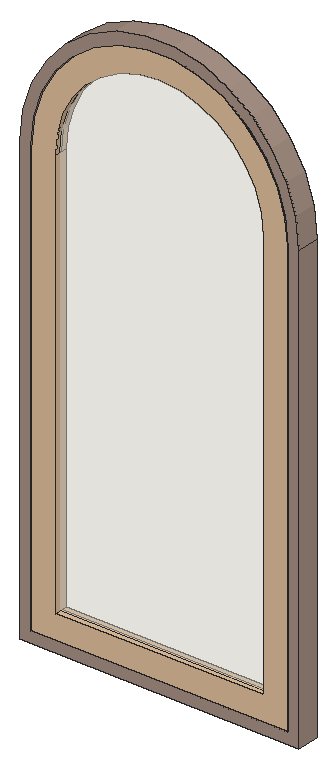
Revit family
Parameters (values of type "750 x 1200 mm")
  Stile = 50 mm
  Shutter = Light Wood
  Height = 1200 mm
  Glass = Glass (2)
  Frame Width = 45 mm
  Frame Depth = 60 mm
  Frame = Dark Wood
  Default Sill Height = 800 mm
  TrimProjection = 25 mm
  Wall Closure = (empty or 0)
  Width = 750 mm
Types (4, lengths in mm): name | Stile | Width
  (no name) | 50 | 750
  750 x 1200 mm | 50 | 750
  900 x 1200 mm | 45 | 900
  1000 x 1200 mm | 45 | 1000
Reference planes
  plane 1: y = 0
  plane 2 "Center (Left/Right)": x = 0
  plane 3 "Left": x = -375
  plane 4 "Right": x = 375
  plane 5 "Sill": z = 800
  plane 6 "Head": z = 2000
  plane 7 "Exterior": y = 75
  plane 8 "Interior": y = -75
  plane 9: x = -330
  plane 10: y = 30
  plane 11: y = -30
  plane 12: x = 330
  plane 13: x = -280
  plane 14: x = 280
  plane 15: z = 845
  plane 16: z = 895
Forms (mm)
  Sweep 1, solid, material "Dark Wood" <- "Frame"
    path origin (0, 0, 0) x (1, 0, 0) y (0, 0, 1)
      loop
        arc (375, 2000) -> (0, 2375) -> (-375, 2000) r 375
        line (-375, 2000) -> (-375, 800) -> (375, 800) -> (375, 2000)
    profile origin (0, 0, 1400) x (0, -1, 0) y (1, 0, 0)
      loop
        line (-30, 375) -> (-30, 330) -> (-5, 330) -> (-5, 345) -> (30, 345) -> (30, 375) -> (-30, 375)
  Extrusion 2, solid, material "Light Wood" <- "Shutter"
    sketch origin (0, -30, 0) x (-1, 0, 0) y (0, 0, 1)
      loop
        line (345, 830) -> (345, 2000)
        arc (345, 2000) -> (0, 2345) -> (-345, 2000) r 345
        line (-345, 2000) -> (-345, 830) -> (345, 830)
      loop
        arc (280, 2000) -> (0, 2280) -> (-280, 2000) r 280
        line (-280, 2000) -> (-280, 895) -> (280, 895) -> (280, 2000)
    from 0 to 35
  Extrusion 3, solid, material "Glass (2)" <- "Glass"
    sketch origin (0, 0, 0) x (1, 0, 0) y (0, 0, 1)
      loop
        line (-280, 895) -> (280, 895) -> (280, 2000)
        arc (280, 2000) -> (0, 2280) -> (-280, 2000) r 280
        line (-280, 2000) -> (-280, 895)
    from 9.932 to 15.932
Lines and regions (mm)
  Opening 1
    outline origin (3500, -75, 0) x (1, 0, 0) y (0, 0, 1)
      loop
        line (-3125, 800) -> (-3125, 2000)
        arc (-3125, 2000) -> (-3500, 2375) -> (-3875, 2000) r 375
        line (-3875, 2000) -> (-3875, 800) -> (-3125, 800)
  symbolic lines, style "WindowsFrameMullionProjection", detail levels medium+fine
    curve 1: line (-375, 30, 0) -> (-375, -30, 0)
    curve 2: line (-375, 30, 0) -> (-330, 30, 0)
    curve 3: line (-330, 30, 0) -> (-330, 5, 0)
    curve 4: line (-330, 5, 0) -> (-345, 5, 0)
    curve 5: line (-345, 5, 0) -> (-345, -30, 0)
    curve 6: line (-345, -30, 0) -> (-375, -30, 0)
    curve 7: line (375, 30, 0) -> (375, -30, 0)
    curve 8: line (375, 30, 0) -> (330, 30, 0)
    curve 9: line (330, 30, 0) -> (330, 5, 0)
    curve 10: line (330, 5, 0) -> (345, 5, 0)
    curve 11: line (375, -30, 0) -> (345, -30, 0)
    curve 12: line (345, -30, 0) -> (345, 5, 0)
  symbolic lines, style "Plan Swing"
    curve 13: line (-345, 5, 0) -> (345, 5, 0)
    curve 14: line (-345, -30, 0) -> (345, -30, 0)
  symbolic lines, style "WindowsFrameMullionProjection", detail levels coarse
    curve 15: line (-345, -30, 0) -> (-375, -30, 0)
    curve 16: line (-345, 30, 0) -> (-345, -30, 0)
    curve 17: line (-375, 30, 0) -> (-345, 30, 0)
    curve 18: line (-375, -30, 0) -> (-375, 30, 0)
    curve 19: line (345, -30, 0) -> (375, -30, 0)
    curve 20: line (345, 30, 0) -> (345, -30, 0)
    curve 21: line (375, 30, 0) -> (345, 30, 0)
    curve 22: line (375, -30, 0) -> (375, 30, 0)
  symbolic lines, style "Elevation Swing Coarse", detail levels coarse
    curve 23: line (-330, 0, 2000) -> (330, 0, 1447.5)
    curve 24: line (330, 0, 1447.5) -> (-330, 0, 845)
  symbolic lines, style "Elevation Swing Medium", detail levels medium
    curve 25: line (-280, 0, 2000) -> (375, 0, 1447.5)
    curve 26: line (375, 0, 1447.5) -> (-280, 0, 845)
  symbolic lines, style "Elevation Swing Fine", detail levels fine
    curve 27: line (-330, 0, 2000) -> (330, 0, 1447.5)
    curve 28: line (330, 0, 1447.5) -> (-330, 0, 845)
Text (mm)
  text "EXTERIOR" at (-1981.535, 863.181, 0), in view "Ref. Level"
  text "INTERIOR" at (-2017.992, -707.606, 0), in view "Ref. Level"
  text "Exterior" at (0, 923.751, 2943.296), in view "Right"
  text "Exterior" at (0, 1019.841, 2788.626), in view "Left"
Dimensions and locks
  equal spacing: plane 3 "Left", plane 2 "Center (Left/Right)", plane 4 "Right"
  "Width": plane 3 "Left" to plane 4 "Right"
  "Height": plane 5 "Sill" to plane 6 "Head"
  "Default Sill Height": plane 5 "Sill" to level
  locked: plane 7 "Exterior" to host wall
  locked: plane 8 "Interior" to host wall
  host wall to plane 6 "Head" = 375 mm
  locked: Sweep 1 sketch curve to Sweep 1 sketch curve at 35
  locked: Sweep 1 sketch curve to Sweep 1 sketch curve at 15
  "Frame Width": plane 3 "Left" to plane 9
  "Frame Width": plane 12 to plane 4 "Right"
  equal spacing: plane 10, plane 1, plane 11
  "Frame Depth": plane 10 to plane 11
  "Stile": plane 13 to plane 9
  "Stile": plane 12 to plane 14
  "Frame Width": plane 15 to plane 5 "Sill"
  "Stile": plane 16 to plane 15
  locked: Extrusion 2 to Extrusion 3 at 14.932
  locked: Extrusion 3 to Extrusion 2 at 14.068
  equal spacing: plane 16, curve 24, plane 6 "Head"
  aligned and locked: Sweep 1 sketch curve to host wall  (x2)
  aligned and locked: plane 10 to Sweep 1 sketch curve
  aligned and locked: Sweep 1 sketch curve to plane 4 "Right"
  aligned and locked: plane 12 to Sweep 1 sketch curve
  aligned and locked: plane 11 to Sweep 1 sketch curve
  aligned and locked: Extrusion 2 sketch curve to Sweep 1  (x5)
  aligned and locked: Extrusion 2 to Sweep 1
  aligned and locked: Extrusion 2 to plane 11
  aligned and locked: plane 6 "Head" to Extrusion 2 sketch curve
  aligned and locked: plane 13 to Extrusion 2 sketch curve
  aligned and locked: plane 16 to Extrusion 2 sketch curve
  aligned and locked: Extrusion 2 sketch curve to plane 14
  aligned and locked: Extrusion 3 sketch curve to Extrusion 2  (x3)
  aligned and locked: Sweep 1 to curve 1
  aligned and locked: curve 1 to Sweep 1
  aligned and locked: Sweep 1 to curve 3
  aligned and locked: curve 3 to Sweep 1
  aligned and locked: Sweep 1 to curve 5
  aligned and locked: curve 5 to Sweep 1
  aligned and locked: curve 7 to Sweep 1  (x2)
  aligned and locked: Sweep 1 to curve 9
  aligned and locked: curve 9 to Sweep 1
  aligned and locked: curve 11 to Sweep 1
  aligned and locked: curve 12 to Sweep 1
  aligned and locked: curve 18 to Sweep 1
  aligned and locked: plane 11 to curve 19
  aligned and locked: curve 22 to Sweep 1
  aligned and locked: Sweep 1 to curve 23  (x2)
  aligned and locked: curve 23 to Sweep 1
  aligned and locked: curve 24 to Sweep 1
Automatic sketch dimensions
  Opening 1 sketch curve to plane 3 "Left" = 0 mm
  Opening 1 sketch curve to plane 4 "Right" = 0 mm
  Opening 1 sketch curve to plane 5 "Sill" = 0 mm
  Opening 1 sketch curve to plane 6 "Head" = 0 mm
  curve 13 to curve 4 = 0 mm
  curve 25 to plane 6 "Head" = 0 mm
  curve 27 to plane 6 "Head" = 0 mm
  curve 25 to plane 4 "Right" = 0 mm
  curve 24 to plane 15 = 0 mm
  curve 28 to plane 9 = 0 mm
  curve 28 to plane 15 = 0 mm
  curve 26 to plane 13 = 0 mm
  curve 26 to plane 15 = 0 mm
  curve 27 to plane 9 = 0 mm
  curve 25 to plane 13 = 0 mm
  curve 25 to curve 23 = 0 mm
